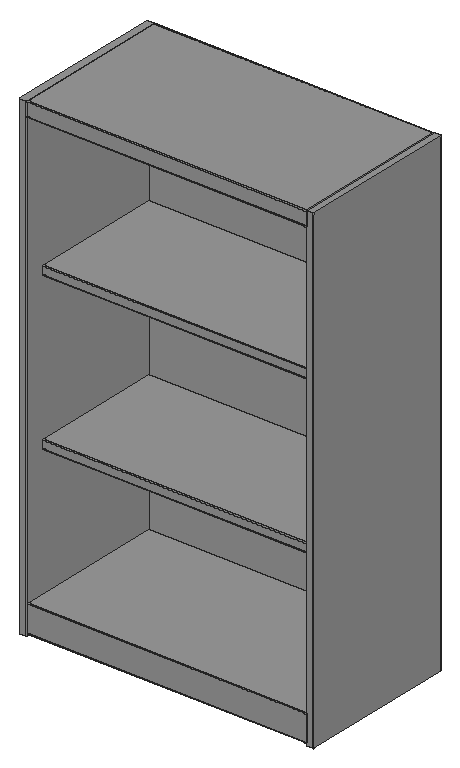
Revit family "NEW01-ARMARIO METAL_AP12-AP22-AP32-AP45-AP52-AP56", category Furniture, Revit 2014
Parameters (values of type "AP12")
  URL = "www.actiu.com"
  Model = "ARMARIO METAL"
  Manufacturer = "Actiu Berbegal y Formas S.A."
  Description = "Metal Storage are presented as a current and efficient solution of filing and storage."
  BO_Width = 798.00 mm
  BO_Visibility Shelf 2 = no
  BO_Visibility Shelf 1 = yes
  BO_Visibility Lock 2 = no
  BO_Visibility Lock 1 = no
  BO_Visibility Drawers Handles 4 = no
  BO_Visibility Drawers Handles 3 = no
  BO_Visibility Drawers Handles 2 = no
  BO_Visibility Drawers Handles 1 = no
  BO_Visibility Drawers 3 = no
  BO_Visibility Drawers 2 = no
  BO_Visibility Drawers 1 = no
  BO_Visibility Door Handles = no
  BO_Visibility Door = no
  BO_URL Model = "http://www.actiu.com/en/furniture/storage/metal-storage"
  BO_Technical Data = "http://www.actiu.com/en/furniture/storage/metal-storage/downloads"
  BO_Structure White = Steel, Paint Finish, Ivory, Glossy
  BO_Structure Silver = Steel, Paint Finish, Dark Gray, Matte
  BO_Reference = "AP12"
  BO_Lock Height = 797.50 mm
  BO_Lock Distance = 438.50 mm
  BO_Height = 1300.00 mm
  BO_Handles = Steel, Paint Finish, Dark Gray, Matte
  BO_Door Steel White = Steel, Paint Finish, Ivory, Glossy
  BO_Door Steel Silver = Steel, Paint Finish, Dark Gray, Matte
  BO_Door Steel Pistache = Pistache
  BO_Door Steel Orange = Orange
  BO_Door Steel Blue = Blue
  BO_Door Steel Black = Black
  BO_Door MFC White = White
  BO_Door MFC Wangue = Wangue
  BO_Door MFC Walnut = Walnut
  BO_Door MFC Maple = Maple
  BO_Door Height = 1252.00 mm
  BO_Door Handle Height = 843.50 mm
  BO_Depth = 432.00 mm
Types (7, lengths in mm): name | BO_Visibility Shelf 2 | BO_Visibility Shelf 1 | BO_Visibility Lock 2 | BO_Visibility Lock 1 | BO_Visibility Drawers Handles 4 | BO_Visibility Drawers Handles 3 | BO_Visibility Drawers Handles 2 | BO_Visibility Drawers Handles 1 | BO_Visibility Drawers 3 | BO_Visibility Drawers 2 | BO_Visibility Drawers 1 | BO_Visibility Door Handles | BO_Visibility Door | BO_Reference | BO_Lock Height | BO_Door Height | BO_Door Handle Height
  (no name) | no | yes | no | no | no | no | no | no | no | no | no | no | no | "AP12" | 797.50 | 1252.00 | 843.50
  AP12 | no | yes | no | no | no | no | no | no | no | no | no | no | no | "AP12" | 797.50 | 1252.00 | 843.50
  AP22 | no | yes | no | yes | no | no | no | no | no | no | no | yes | yes | "AP22" | 797.50 | 1252.00 | 843.50
  AP32 | yes | no | no | yes | no | no | no | no | no | no | no | yes | yes | "AP32" | 624.00 | 652.00 | 543.50
  AP45 | yes | no | yes | no | no | yes | no | yes | no | no | yes | no | no | "AP45" | 624.00 | 652.00 | 543.50
  AP52 | yes | no | yes | no | yes | yes | yes | yes | no | yes | no | no | no | "AP52" | 624.00 | 652.00 | 543.50
  AP56 | yes | no | yes | no | no | yes | yes | yes | yes | no | no | no | no | "AP56" | 624.00 | 667.00 | 543.50
Reference planes
  plane 1 "Center Front/Back": y = 0
  plane 2: z = 0
  plane 3 "Center Left/Right": x = 0
  plane 4: x = 399
  plane 5: x = -399
  plane 6: z = 1300
  plane 7: x = 379
  plane 8: x = -379
  plane 9: y = -432
  plane 10: z = 1067
  plane 11: z = 456
  plane 12: z = 5
  plane 13: z = 1297
  plane 14: z = 45
  plane 15: z = 879
  plane 16: z = 843.5
  plane 17: z = 797.5
  plane 18: x = 39.5
  plane 19: z = 703
Forms (mm)
  Extrusion 1, solid, material "Steel, Paint Finish, Ivory, Glossy" <- "BO_Structure White"
    sketch origin (0, 0, 0) x (1, 0, 0) y (0, 1, 0)
      loop
        arc (381, 0) -> (379.586, -0.586) -> (379, -2) r 2
        line (379, -2) -> (379, -430)
        arc (379, -430) -> (379.586, -431.414) -> (381, -432) r 2
        line (381, -432) -> (397, -432)
        arc (397, -432) -> (398.414, -431.414) -> (399, -430) r 2
        line (399, -430) -> (399, -2)
        arc (399, -2) -> (398.414, -0.586) -> (397, 0) r 2
        line (397, 0) -> (381, 0)
      loop
        arc (-397, 0) -> (-398.414, -0.586) -> (-399, -2) r 2
        line (-399, -2) -> (-399, -430)
        arc (-399, -430) -> (-398.414, -431.414) -> (-397, -432) r 2
        line (-397, -432) -> (-381, -432)
        arc (-381, -432) -> (-379.586, -431.414) -> (-379, -430) r 2
        line (-379, -430) -> (-379, -2)
        arc (-379, -2) -> (-379.586, -0.586) -> (-381, 0) r 2
        line (-381, 0) -> (-397, 0)
    from 0 to 1300
  Extrusion 2, solid, material "Steel, Paint Finish, Ivory, Glossy" <- "BO_Structure White", visible <- "BO_Visibility Shelf 2"
    sketch origin (0, 0, -150) x (0, 1, 0) y (0, 0, 1)
      loop
        line (-20, 1217) -> (-378, 1217)
        arc (-378, 1217) -> (-379.414, 1216.414) -> (-380, 1215) r 2
        line (-380, 1215) -> (-380, 1194)
        arc (-380, 1194) -> (-379.414, 1192.586) -> (-378, 1192) r 2
        line (-378, 1192) -> (-20, 1192) -> (-20, 1217)
    from -379 to 379
  Extrusion 3, solid, material "Steel, Paint Finish, Ivory, Glossy" <- "BO_Structure White"
    sketch origin (0, 0, 0) x (0, 1, 0) y (0, 0, 1)
      loop
        line (0, 7) -> (0, 1260) -> (-20, 1260) -> (-20, 5) -> (-2, 5)
        arc (-2, 5) -> (-0.586, 5.586) -> (0, 7) r 2
    from 379 to -379
  Extrusion 4, solid, material "Steel, Paint Finish, Ivory, Glossy" <- "BO_Structure White"
    sketch origin (0, 0, -752) x (0, 1, 0) y (0, 0, 1)
      loop
        line (-20, 1208) -> (-378, 1208)
        arc (-378, 1208) -> (-379.414, 1207.414) -> (-380, 1206) r 2
        line (-380, 1206) -> (-380, 1185)
        arc (-380, 1185) -> (-379.414, 1183.586) -> (-378, 1183) r 2
        line (-378, 1183) -> (-20, 1183) -> (-20, 1208)
    from -379 to 379
  Extrusion 5, solid, material "Steel, Paint Finish, Ivory, Glossy" <- "BO_Structure White"
    sketch origin (0, 0, 0) x (0, 1, 0) y (0, 0, 1)
      loop
        line (-20, 5) -> (-20, 80) -> (-430, 80)
        arc (-430, 80) -> (-431.414, 79.414) -> (-432, 78) r 2
        line (-432, 78) -> (-432, 7)
        arc (-432, 7) -> (-431.414, 5.586) -> (-430, 5) r 2
        line (-430, 5) -> (-20, 5)
    from -379 to 379
  Extrusion 6, solid, material "Steel, Paint Finish, Ivory, Glossy" <- "BO_Door Steel White", visible <- "BO_Visibility Door"
    sketch origin (-1524, -432, 1219.2) x (-1, 0, 0) y (0, 0, 1)
      loop
        line (-1921.5, -1174.2) -> (-1526.5, -1174.2) -> (-1526.5, 77.8) -> (-1921.5, 77.8) -> (-1921.5, -1174.2)
      loop
        line (-1126.5, -1174.2) -> (-1126.5, 77.8) -> (-1521.5, 77.8) -> (-1521.5, -1174.2) -> (-1126.5, -1174.2)
    from 0 to -16
  Extrusion 7, solid, material "Steel, Paint Finish, Ivory, Glossy" <- "BO_Structure White", visible <- "BO_Visibility Shelf 1"
    sketch origin (0, 0, -256.437) x (0, 1, 0) y (0, 0, 1)
      loop
        line (-20, 1135.437) -> (-378, 1135.437)
        arc (-378, 1135.437) -> (-379.414, 1134.851) -> (-380, 1133.437) r 2
        line (-380, 1133.437) -> (-380, 1112.437)
        arc (-380, 1112.437) -> (-379.414, 1111.022) -> (-378, 1110.437) r 2
        line (-378, 1110.437) -> (-20, 1110.437) -> (-20, 1135.437)
    from -379 to 379
  Extrusion 8, solid, material "Steel, Paint Finish, Ivory, Glossy" <- "BO_Door Steel White", visible <- "BO_Visibility Drawers 1"
    sketch origin (-1524, -432, 1219.2) x (-1, 0, 0) y (0, 0, 1)
      loop
        line (-1126.5, -1159.2) -> (-1126.5, -862.2) -> (-1921.5, -862.2) -> (-1921.5, -1159.2) -> (-1126.5, -1159.2)
      loop
        line (-1126.5, -859.2) -> (-1126.5, -562.2) -> (-1921.5, -562.2) -> (-1921.5, -859.2) -> (-1126.5, -859.2)
    from -16 to 0
  Revolve 9, solid, material "Steel, Paint Finish, Ivory, Glossy" <- "BO_Structure White"
    sketch origin (-1523, -35, 1219.2) x (-1, 0, 0) y (0, 0, 1)
      loop
        line (-1159, -1219.2) -> (-1159, -1185.2) -> (-1163, -1185.2) -> (-1163, -1209.2) -> (-1166.5, -1209.2)
        arc (-1166.5, -1209.2) -> (-1167.207, -1209.493) -> (-1167.5, -1210.2) r 1
        line (-1167.5, -1210.2) -> (-1167.5, -1212.2) -> (-1180, -1212.2)
        arc (-1180, -1212.2) -> (-1181.414, -1212.786) -> (-1182, -1214.2) r 2
        line (-1182, -1214.2) -> (-1182, -1217.2)
        arc (-1182, -1217.2) -> (-1181.414, -1218.614) -> (-1180, -1219.2) r 2
        line (-1180, -1219.2) -> (-1159, -1219.2)
      axis (-1159, -1185.2) -> (-1159, -1219.2)
    angle from 0 to 360
  Revolve 10, solid, material "Steel, Paint Finish, Ivory, Glossy" <- "BO_Structure White"
    sketch origin (1523, -35, 1219.2) x (1, 0, 0) y (0, 0, -1)
      loop
        line (-1159, 1219.2) -> (-1180, 1219.2)
        arc (-1180, 1219.2) -> (-1181.414, 1218.614) -> (-1182, 1217.2) r 2
        line (-1182, 1217.2) -> (-1182, 1214.2)
        arc (-1182, 1214.2) -> (-1181.414, 1212.786) -> (-1180, 1212.2) r 2
        line (-1180, 1212.2) -> (-1167.5, 1212.2) -> (-1167.5, 1210.2)
        arc (-1167.5, 1210.2) -> (-1167.207, 1209.493) -> (-1166.5, 1209.2) r 1
        line (-1166.5, 1209.2) -> (-1163, 1209.2) -> (-1163, 1185.2) -> (-1159, 1185.2) -> (-1159, 1219.2)
      axis (-1159, 1185.2) -> (-1159, 1219.2)
    angle from 0 to 360
  Revolve 11, solid, material "Steel, Paint Finish, Ivory, Glossy" <- "BO_Structure White"
    sketch origin (-1523, -397, 1219.2) x (-1, 0, 0) y (0, 0, 1)
      loop
        line (-1159, -1219.2) -> (-1159, -1185.2) -> (-1163, -1185.2) -> (-1163, -1209.2) -> (-1166.5, -1209.2)
        arc (-1166.5, -1209.2) -> (-1167.207, -1209.493) -> (-1167.5, -1210.2) r 1
        line (-1167.5, -1210.2) -> (-1167.5, -1212.2) -> (-1180, -1212.2)
        arc (-1180, -1212.2) -> (-1181.414, -1212.786) -> (-1182, -1214.2) r 2
        line (-1182, -1214.2) -> (-1182, -1217.2)
        arc (-1182, -1217.2) -> (-1181.414, -1218.614) -> (-1180, -1219.2) r 2
        line (-1180, -1219.2) -> (-1159, -1219.2)
      axis (-1159, -1185.2) -> (-1159, -1219.2)
    angle from 0 to 360
  Revolve 12, solid, material "Steel, Paint Finish, Ivory, Glossy" <- "BO_Structure White"
    sketch origin (1523, -397, 1219.2) x (1, 0, 0) y (0, 0, -1)
      loop
        line (-1159, 1219.2) -> (-1180, 1219.2)
        arc (-1180, 1219.2) -> (-1181.414, 1218.614) -> (-1182, 1217.2) r 2
        line (-1182, 1217.2) -> (-1182, 1214.2)
        arc (-1182, 1214.2) -> (-1181.414, 1212.786) -> (-1180, 1212.2) r 2
        line (-1180, 1212.2) -> (-1167.5, 1212.2) -> (-1167.5, 1210.2)
        arc (-1167.5, 1210.2) -> (-1167.207, 1209.493) -> (-1166.5, 1209.2) r 1
        line (-1166.5, 1209.2) -> (-1163, 1209.2) -> (-1163, 1185.2) -> (-1159, 1185.2) -> (-1159, 1219.2)
      axis (-1159, 1185.2) -> (-1159, 1219.2)
    angle from 0 to 360
  Extrusion 13, solid, material "Steel, Paint Finish, Ivory, Glossy" <- "BO_Door Steel White", visible <- "BO_Visibility Drawers 2"
    sketch origin (-1524, -600, 1219.2) x (-1, 0, 0) y (0, 0, 1)
      loop
        line (-1126.5, -1159.2) -> (-1126.5, -1012.2) -> (-1921.5, -1012.2) -> (-1921.5, -1159.2) -> (-1126.5, -1159.2)
      loop
        line (-1126.5, -862.2) -> (-1921.5, -862.2) -> (-1921.5, -1009.2) -> (-1126.5, -1009.2) -> (-1126.5, -862.2)
      loop
        line (-1126.5, -712.2) -> (-1921.5, -712.2) -> (-1921.5, -859.2) -> (-1126.5, -859.2) -> (-1126.5, -712.2)
      loop
        line (-1126.5, -562.2) -> (-1921.5, -562.2) -> (-1921.5, -709.2) -> (-1126.5, -709.2) -> (-1126.5, -562.2)
    from 152 to 168
  Extrusion 14, solid, material "Steel, Paint Finish, Ivory, Glossy" <- "BO_Door Steel White", visible <- "BO_Visibility Drawers 3"
    sketch origin (-1524, -600, 1219.2) x (-1, 0, 0) y (0, 0, 1)
      loop
        line (-1126.5, -1159.2) -> (-1126.5, -862.2) -> (-1921.5, -862.2) -> (-1921.5, -1159.2) -> (-1126.5, -1159.2)
      loop
        line (-1921.5, -859.2) -> (-1126.5, -859.2) -> (-1126.5, -712.2) -> (-1921.5, -712.2) -> (-1921.5, -859.2)
      loop
        line (-1126.5, -709.2) -> (-1126.5, -562.2) -> (-1921.5, -562.2) -> (-1921.5, -709.2) -> (-1126.5, -709.2)
    from 152 to 168
  Extrusion 15, solid, material "Steel, Paint Finish, Dark Gray, Matte" <- "BO_Handles", visible <- "BO_Visibility Door Handles"
    sketch origin (0, 0, 0) x (0, 1, 0) y (0, 0, 1)
      loop
        line (-448, 843.5) -> (-448, 859.5) -> (-457, 859.5)
        arc (-457, 859.5) -> (-460.536, 860.964) -> (-462, 864.5) r 5
        line (-462, 864.5) -> (-462, 925.5)
        arc (-462, 925.5) -> (-460.536, 929.036) -> (-457, 930.5) r 5
        line (-457, 930.5) -> (-448, 930.5) -> (-448, 946.5) -> (-459, 946.5)
        arc (-459, 946.5) -> (-466.071, 943.571) -> (-469, 936.5) r 10
        line (-469, 936.5) -> (-469, 853.5)
        arc (-469, 853.5) -> (-466.071, 846.429) -> (-459, 843.5) r 10
        line (-459, 843.5) -> (-448, 843.5)
    from 24 to 16
  Extrusion 16, solid, material "Steel, Paint Finish, Dark Gray, Matte" <- "BO_Handles", visible <- "BO_Visibility Door Handles"
    sketch origin (0, 0, 0) x (0, 1, 0) y (0, 0, -1)
      loop
        line (-448, -843.5) -> (-459, -843.5)
        arc (-459, -843.5) -> (-466.071, -846.429) -> (-469, -853.5) r 10
        line (-469, -853.5) -> (-469, -936.5)
        arc (-469, -936.5) -> (-466.071, -943.571) -> (-459, -946.5) r 10
        line (-459, -946.5) -> (-448, -946.5) -> (-448, -930.5) -> (-457, -930.5)
        arc (-457, -930.5) -> (-460.536, -929.036) -> (-462, -925.5) r 5
        line (-462, -925.5) -> (-462, -864.5)
        arc (-462, -864.5) -> (-460.536, -860.964) -> (-457, -859.5) r 5
        line (-457, -859.5) -> (-448, -859.5) -> (-448, -843.5)
    from 24 to 16
  Extrusion 17, solid, material "Steel, Paint Finish, Dark Gray, Matte" <- "BO_Handles", visible <- "BO_Visibility Drawers Handles 4"
    sketch origin (0, -352, 0) x (1, 0, 0) y (0, 1, 0)
      loop
        line (-291, -96) -> (-291, -107)
        arc (-291, -107) -> (-288.071, -114.071) -> (-281, -117) r 10
        line (-281, -117) -> (-198, -117)
        arc (-198, -117) -> (-190.929, -114.071) -> (-188, -107) r 10
        line (-188, -107) -> (-188, -96) -> (-204, -96) -> (-204, -105)
        arc (-204, -105) -> (-205.464, -108.536) -> (-209, -110) r 5
        line (-209, -110) -> (-270, -110)
        arc (-270, -110) -> (-273.536, -108.536) -> (-275, -105) r 5
        line (-275, -105) -> (-275, -96) -> (-291, -96)
      loop
        line (291, -96) -> (275, -96) -> (275, -105)
        arc (275, -105) -> (273.536, -108.536) -> (270, -110) r 5
        line (270, -110) -> (209, -110)
        arc (209, -110) -> (205.464, -108.536) -> (204, -105) r 5
        line (204, -105) -> (204, -96) -> (188, -96) -> (188, -107)
        arc (188, -107) -> (190.929, -114.071) -> (198, -117) r 10
        line (198, -117) -> (281, -117)
        arc (281, -117) -> (288.071, -114.071) -> (291, -107) r 10
        line (291, -107) -> (291, -96)
    from 140.5 to 148.5
  Extrusion 18, solid, material "Steel, Paint Finish, Dark Gray, Matte" <- "BO_Handles", visible <- "BO_Visibility Drawers Handles 3"
    sketch origin (0, -352, 0) x (1, 0, 0) y (0, 1, 0)
      loop
        line (-291, -96) -> (-291, -107)
        arc (-291, -107) -> (-288.071, -114.071) -> (-281, -117) r 10
        line (-281, -117) -> (-198, -117)
        arc (-198, -117) -> (-190.929, -114.071) -> (-188, -107) r 10
        line (-188, -107) -> (-188, -96) -> (-204, -96) -> (-204, -105)
        arc (-204, -105) -> (-205.464, -108.536) -> (-209, -110) r 5
        line (-209, -110) -> (-270, -110)
        arc (-270, -110) -> (-273.536, -108.536) -> (-275, -105) r 5
        line (-275, -105) -> (-275, -96) -> (-291, -96)
      loop
        line (291, -96) -> (275, -96) -> (275, -105)
        arc (275, -105) -> (273.536, -108.536) -> (270, -110) r 5
        line (270, -110) -> (209, -110)
        arc (209, -110) -> (205.464, -108.536) -> (204, -105) r 5
        line (204, -105) -> (204, -96) -> (188, -96) -> (188, -107)
        arc (188, -107) -> (190.929, -114.071) -> (198, -117) r 10
        line (198, -117) -> (281, -117)
        arc (281, -117) -> (288.071, -114.071) -> (291, -107) r 10
        line (291, -107) -> (291, -96)
    from 290.5 to 298.5
  Extrusion 19, solid, material "Steel, Paint Finish, Dark Gray, Matte" <- "BO_Handles", visible <- "BO_Visibility Drawers Handles 2"
    sketch origin (0, -352, 0) x (1, 0, 0) y (0, 1, 0)
      loop
        line (-291, -96) -> (-291, -107)
        arc (-291, -107) -> (-288.071, -114.071) -> (-281, -117) r 10
        line (-281, -117) -> (-198, -117)
        arc (-198, -117) -> (-190.929, -114.071) -> (-188, -107) r 10
        line (-188, -107) -> (-188, -96) -> (-204, -96) -> (-204, -105)
        arc (-204, -105) -> (-205.464, -108.536) -> (-209, -110) r 5
        line (-209, -110) -> (-270, -110)
        arc (-270, -110) -> (-273.536, -108.536) -> (-275, -105) r 5
        line (-275, -105) -> (-275, -96) -> (-291, -96)
      loop
        line (291, -96) -> (275, -96) -> (275, -105)
        arc (275, -105) -> (273.536, -108.536) -> (270, -110) r 5
        line (270, -110) -> (209, -110)
        arc (209, -110) -> (205.464, -108.536) -> (204, -105) r 5
        line (204, -105) -> (204, -96) -> (188, -96) -> (188, -107)
        arc (188, -107) -> (190.929, -114.071) -> (198, -117) r 10
        line (198, -117) -> (281, -117)
        arc (281, -117) -> (288.071, -114.071) -> (291, -107) r 10
        line (291, -107) -> (291, -96)
    from 440.5 to 448.5
  Extrusion 20, solid, material "Steel, Paint Finish, Dark Gray, Matte" <- "BO_Handles", visible <- "BO_Visibility Drawers Handles 1"
    sketch origin (0, -252, 0) x (1, 0, 0) y (0, 1, 0)
      loop
        line (-291, -196) -> (-291, -207)
        arc (-291, -207) -> (-288.071, -214.071) -> (-281, -217) r 10
        line (-281, -217) -> (-198, -217)
        arc (-198, -217) -> (-190.929, -214.071) -> (-188, -207) r 10
        line (-188, -207) -> (-188, -196) -> (-204, -196) -> (-204, -205)
        arc (-204, -205) -> (-205.464, -208.536) -> (-209, -210) r 5
        line (-209, -210) -> (-270, -210)
        arc (-270, -210) -> (-273.536, -208.536) -> (-275, -205) r 5
        line (-275, -205) -> (-275, -196) -> (-291, -196)
      loop
        line (291, -196) -> (275, -196) -> (275, -205)
        arc (275, -205) -> (273.536, -208.536) -> (270, -210) r 5
        line (270, -210) -> (209, -210)
        arc (209, -210) -> (205.464, -208.536) -> (204, -205) r 5
        line (204, -205) -> (204, -196) -> (188, -196) -> (188, -207)
        arc (188, -207) -> (190.929, -214.071) -> (198, -217) r 10
        line (198, -217) -> (281, -217)
        arc (281, -217) -> (288.071, -214.071) -> (291, -207) r 10
        line (291, -207) -> (291, -196)
    from 590.5 to 598.5
  Revolve 21, solid, material "Steel, Paint Finish, Dark Gray, Matte" <- "BO_Handles", visible <- "BO_Visibility Lock 1"
    sketch origin (-587.131, -4572, 797.5) x (-1, 0, 0) y (0, -1, 0)
      loop
        line (-626.631, -4124) -> (-626.631, -4117) -> (-633.631, -4117)
        arc (-633.631, -4117) -> (-634.338, -4117.293) -> (-634.631, -4118) r 1
        line (-634.631, -4118) -> (-634.631, -4122) -> (-635.631, -4122) -> (-635.631, -4121) -> (-637.078, -4121.724)
        arc (-637.078, -4121.724) -> (-637.481, -4122.092) -> (-637.631, -4122.618) r 1
        line (-637.631, -4122.618) -> (-637.631, -4124) -> (-626.631, -4124)
      axis (-626.631, -4124) -> (-626.631, -4117)
    angle from 0 to 360
  Extrusion 22, void
    sketch origin (-1524, -432, 1219.2) x (1, 0, 0) y (0, 0, 1)
      loop
        line (1563.5, -415.2) -> (1562, -415.2) -> (1562, -428.2) -> (1565, -428.2) -> (1565, -415.2) -> (1563.5, -415.2)
    from 19 to 218
  Extrusion 23, solid, material "Steel, Paint Finish, Ivory, Glossy" <- "BO_Structure White", visible <- "BO_Visibility Shelf 2"
    sketch origin (0, 0, 0) x (0, 1, 0) y (0, 0, 1)
      loop
        line (-20, 703) -> (-430, 703)
        arc (-430, 703) -> (-431.414, 702.414) -> (-432, 701) r 2
        line (-432, 701) -> (-432, 657)
        arc (-432, 657) -> (-431.414, 655.586) -> (-430, 655) r 2
        line (-430, 655) -> (-20, 655) -> (-20, 703)
    from -379 to 379
  Revolve 24, solid, material "Steel, Paint Finish, Dark Gray, Matte" <- "BO_Handles", visible <- "BO_Visibility Lock 2"
    sketch origin (-688.131, -4572, 680) x (-1, 0, 0) y (0, -1, 0)
      loop
        line (-688.131, -4140) -> (-688.131, -4133) -> (-695.131, -4133)
        arc (-695.131, -4133) -> (-695.838, -4133.293) -> (-696.131, -4134) r 1
        line (-696.131, -4134) -> (-696.131, -4138) -> (-697.131, -4138) -> (-697.131, -4137) -> (-698.578, -4137.724)
        arc (-698.578, -4137.724) -> (-698.981, -4138.092) -> (-699.131, -4138.618) r 1
        line (-699.131, -4138.618) -> (-699.131, -4140) -> (-688.131, -4140)
      axis (-688.131, -4140) -> (-688.131, -4133)
    angle from 0 to 360
  Extrusion 25, solid, material "Steel, Paint Finish, Ivory, Glossy" <- "BO_Structure White"
    sketch origin (0, 0, 0) x (0, 1, 0) y (0, 0, 1)
      loop
        arc (-430, 1300) -> (-431.414, 1299.414) -> (-432, 1298) r 2
        line (-432, 1298) -> (-432, 1262)
        arc (-432, 1262) -> (-431.414, 1260.586) -> (-430, 1260) r 2
        line (-430, 1260) -> (0, 1260) -> (0, 1298)
        arc (0, 1298) -> (-0.586, 1299.414) -> (-2, 1300) r 2
        line (-2, 1300) -> (-430, 1300)
    from -379 to 379
  Extrusion 26, void
    sketch origin (-1524, -432, 1219.2) x (1, 0, 0) y (0, 0, 1)
      loop
        line (1522.5, -539.2) -> (1522.5, -545.7) -> (1525.5, -545.7) -> (1525.5, -532.7) -> (1522.5, -532.7) -> (1522.5, -539.2)
    from 2 to 23
Cuts and joins
  Extrusion 26 cuts Extrusion 23
  Extrusion 26 cuts Revolve 24
  Extrusion 22 cuts Revolve 21
Dimensions and locks
  "BO_Width": plane 4 to plane 5
  "BO_Height": plane 6 to plane 2
  locked: plane 8 to plane 5 at 20
  locked: plane 4 to plane 7 at 20
  "BO_Door Height": plane 13 to plane 14
  locked: plane 14 to plane 2 at 45
  "BO_Door Handle Height": plane 16 to plane 2
  "BO_Lock Height": plane 17 to plane 2
  "BO_Lock Distance": plane 18 to plane 5
  locked: plane 6 to Extrusion 3 at 40
  "BO_Depth": plane 9 to plane 1 "Center Front/Back"
  locked: Extrusion 6 to plane 9 at 16
  locked: Extrusion 13 to plane 9 at 16
  locked: Extrusion 14 to plane 9 at 16
  equal spacing: Extrusion 20 sketch curve, plane 3 "Center Left/Right", Extrusion 20 sketch curve
  equal spacing: plane 4, plane 3 "Center Left/Right", plane 5
  equal spacing: Extrusion 19 sketch curve, plane 3 "Center Left/Right", Extrusion 19 sketch curve
  equal spacing: Extrusion 18 sketch curve, plane 3 "Center Left/Right", Extrusion 18 sketch curve
  equal spacing: Extrusion 17 sketch curve, plane 3 "Center Left/Right", Extrusion 17 sketch curve
  Extrusion 8 sketch curve to Extrusion 8 sketch curve to Extrusion 8 sketch curve to Extrusion 8 sketch curve to plane 2 = 297.00 mm locked, 3.00 mm locked, 297.00 mm locked, 60.00 mm locked
  Extrusion 13 sketch curve to Extrusion 13 sketch curve to Extrusion 13 sketch curve to Extrusion 13 sketch curve to Extrusion 13 sketch curve to Extrusion 13 sketch curve to Extrusion 13 sketch curve to Extrusion 8 to plane 2 = 147.00 mm locked, 3.00 mm locked, 147.00 mm locked, 3.00 mm locked, 147.00 mm locked, 3.00 mm locked, 147.00 mm locked, 60.00 mm locked
  Extrusion 14 sketch curve to Extrusion 14 sketch curve to Extrusion 14 sketch curve to Extrusion 14 sketch curve to Extrusion 14 sketch curve to Extrusion 8 to plane 2 = 147.00 mm locked, 3.00 mm locked, 147.00 mm locked, 3.00 mm locked, 297.00 mm locked, 60.00 mm locked
  aligned and locked: level to plane 2
  aligned and locked: plane 1 "Center Front/Back" to Extrusion 1 sketch curve  (x2)
  aligned and locked: plane 7 to Extrusion 1 sketch curve
  aligned and locked: Extrusion 1 sketch curve to plane 4
  aligned and locked: plane 9 to Extrusion 1 sketch curve  (x2)
  aligned and locked: plane 5 to Extrusion 1 sketch curve
  aligned and locked: Extrusion 1 sketch curve to plane 8
  aligned and locked: plane 6 to Extrusion 1
  aligned and locked: Extrusion 1 to plane 2
  aligned and locked: plane 10 to Extrusion 2  (x2)
  aligned and locked: Extrusion 3 sketch curve to plane 12
  aligned and locked: Extrusion 3 sketch curve to plane 1 "Center Front/Back"
  aligned and locked: Extrusion 3 to plane 8
  aligned and locked: plane 7 to Extrusion 3
  aligned and locked: Extrusion 2 to Extrusion 3
  aligned and locked: plane 11 to Extrusion 4
  aligned and locked: Extrusion 3 to Extrusion 5 sketch curve
  aligned and locked: plane 12 to Extrusion 5 sketch curve
  aligned and locked: plane 9 to Extrusion 5 sketch curve
  aligned and locked: Extrusion 5 to plane 8
  aligned and locked: plane 7 to Extrusion 5
  aligned and locked: Extrusion 4 to plane 8
  aligned and locked: plane 7 to Extrusion 4
  aligned and locked: Extrusion 2 to plane 8
  aligned and locked: plane 7 to Extrusion 2
  aligned and locked: plane 13 to Extrusion 6 sketch curve
  aligned and locked: Extrusion 6 sketch curve to plane 13
  aligned and locked: Extrusion 6 sketch curve to plane 14
  aligned and locked: plane 14 to Extrusion 6 sketch curve
  aligned and locked: Extrusion 7 to plane 8
  aligned and locked: plane 7 to Extrusion 7
  aligned and locked: Extrusion 7 to Extrusion 3
  aligned and locked: plane 16 to Extrusion 15 sketch curve
  aligned and locked: Extrusion 6 to Extrusion 15 sketch curve  (x2)
  aligned and locked: plane 16 to Extrusion 16 sketch curve
  aligned and locked: Extrusion 6 to Extrusion 16 sketch curve  (x2)
  aligned and locked: Revolve 21 sketch curve to plane 18
  aligned and locked: Extrusion 6 to Revolve 21 sketch curve
  aligned and locked: plane 18 to Revolve 21 sketch curve
  aligned and locked: Extrusion 23 sketch curve to Extrusion 3
  aligned and locked: Extrusion 23 sketch curve to plane 9
  aligned and locked: plane 7 to Extrusion 23
  aligned and locked: Extrusion 23 to plane 8
  aligned and locked: Revolve 24 sketch curve to plane 9
  aligned and locked: Extrusion 25 sketch curve to plane 6
  aligned and locked: plane 9 to Extrusion 25 sketch curve
  aligned and locked: plane 1 "Center Front/Back" to Extrusion 25 sketch curve
  aligned and locked: Extrusion 25 to plane 8
  aligned and locked: plane 7 to Extrusion 25
  aligned and locked: plane 9 to Extrusion 8
  aligned and locked: plane 9 to Extrusion 6
  aligned and locked: plane 9 to Extrusion 13
  aligned and locked: plane 9 to Extrusion 14
  aligned and locked: Extrusion 20 to Extrusion 6  (x2)
  aligned and locked: Extrusion 19 to Extrusion 13  (x2)
  aligned and locked: Extrusion 18 to Extrusion 13  (x2)
  aligned and locked: Extrusion 17 to Extrusion 13  (x2)
Automatic sketch dimensions
  plane 5 to Extrusion 1 sketch curve = 2.00 mm
  plane 1 "Center Front/Back" to Extrusion 1 sketch curve = 2.00 mm  (x2)
  Extrusion 1 sketch curve to plane 8 = 2.00 mm
  plane 7 to Extrusion 1 sketch curve = 2.00 mm  (x2)
  Extrusion 1 sketch curve to plane 4 = 2.00 mm  (x2)
  plane 1 "Center Front/Back" to Extrusion 3 sketch curve = 2.00 mm
  Extrusion 3 sketch curve to Extrusion 3 sketch curve = 18.00 mm
  Extrusion 3 sketch curve to plane 13 = 37.00 mm
  Extrusion 4 sketch curve to plane 11 = 0.00 mm
  Extrusion 4 sketch curve to plane 11 = 2.00 mm
  plane 9 to Extrusion 4 sketch curve = 52.00 mm
  Extrusion 4 sketch curve to Extrusion 4 sketch curve = 2.00 mm
  plane 1 "Center Front/Back" to Extrusion 4 sketch curve = 20.00 mm
  Extrusion 4 sketch curve to Extrusion 4 sketch curve = 21.00 mm
  plane 9 to Extrusion 5 sketch curve = 2.00 mm  (x2)
  plane 14 to Extrusion 5 sketch curve = 33.00 mm
  Extrusion 6 sketch curve to plane 4 = 1.50 mm
  plane 3 "Center Left/Right" to Extrusion 6 sketch curve = 2.50 mm
  Extrusion 6 sketch curve to plane 3 "Center Left/Right" = 2.50 mm
  plane 5 to Extrusion 6 sketch curve = 1.50 mm
  Extrusion 7 sketch curve to plane 15 = 0.00 mm
  Extrusion 7 sketch curve to plane 15 = 2.00 mm
  plane 9 to Extrusion 7 sketch curve = 52.00 mm
  Extrusion 7 sketch curve to Extrusion 7 sketch curve = 2.00 mm
  plane 1 "Center Front/Back" to Extrusion 7 sketch curve = 20.00 mm
  Extrusion 7 sketch curve to Extrusion 7 sketch curve = 21.00 mm
  Extrusion 8 sketch curve to plane 4 = 1.50 mm  (x2)
  plane 5 to Extrusion 8 sketch curve = 1.50 mm  (x2)
  Revolve 9 sketch curve to plane 12 = 0.00 mm
  Revolve 9 sketch curve to level = 0.00 mm  (x2)
  level to Revolve 9 sketch curve = 2.00 mm
  plane 8 to Revolve 9 sketch curve = 38.00 mm
  Revolve 9 sketch curve to Revolve 9 sketch curve = 2.00 mm  (x2)
  Revolve 9 sketch curve to Revolve 9 sketch curve = 12.50 mm
  Revolve 9 sketch curve to Revolve 9 sketch curve = 1.00 mm
  Revolve 9 sketch curve to Revolve 9 sketch curve = 3.50 mm
  Revolve 9 sketch curve to Revolve 9 sketch curve = 4.00 mm
  Revolve 9 sketch curve to Revolve 9 sketch curve = 24.00 mm
  Revolve 9 sketch curve to Revolve 9 sketch curve = 0.00 mm
  Revolve 9 sketch curve to Revolve 9 sketch curve = 5.00 mm
  Revolve 10 sketch curve to plane 12 = 0.00 mm
  Revolve 10 sketch curve to level = 0.00 mm  (x2)
  level to Revolve 10 sketch curve = 2.00 mm
  Revolve 10 sketch curve to plane 7 = 38.00 mm
  Revolve 10 sketch curve to Revolve 10 sketch curve = 2.00 mm  (x2)
  Revolve 10 sketch curve to Revolve 10 sketch curve = 12.50 mm
  Revolve 10 sketch curve to Revolve 10 sketch curve = 1.00 mm
  Revolve 10 sketch curve to Revolve 10 sketch curve = 3.50 mm
  Revolve 10 sketch curve to Revolve 10 sketch curve = 4.00 mm
  Revolve 10 sketch curve to Revolve 10 sketch curve = 24.00 mm
  Revolve 10 sketch curve to Revolve 10 sketch curve = 0.00 mm
  Revolve 10 sketch curve to Revolve 10 sketch curve = 5.00 mm
  Revolve 11 sketch curve to plane 12 = 0.00 mm
  Revolve 11 sketch curve to level = 0.00 mm  (x2)
  level to Revolve 11 sketch curve = 2.00 mm
  plane 8 to Revolve 11 sketch curve = 38.00 mm
  Revolve 11 sketch curve to Revolve 11 sketch curve = 2.00 mm  (x2)
  Revolve 11 sketch curve to Revolve 11 sketch curve = 12.50 mm
  Revolve 11 sketch curve to Revolve 11 sketch curve = 1.00 mm
  Revolve 11 sketch curve to Revolve 11 sketch curve = 3.50 mm
  Revolve 11 sketch curve to Revolve 11 sketch curve = 4.00 mm
  Revolve 11 sketch curve to Revolve 11 sketch curve = 24.00 mm
  Revolve 11 sketch curve to Revolve 11 sketch curve = 0.00 mm
  Revolve 11 sketch curve to Revolve 11 sketch curve = 5.00 mm
  Revolve 12 sketch curve to plane 12 = 0.00 mm
  Revolve 12 sketch curve to level = 0.00 mm  (x2)
  level to Revolve 12 sketch curve = 2.00 mm
  Revolve 12 sketch curve to plane 7 = 38.00 mm
  Revolve 12 sketch curve to Revolve 12 sketch curve = 2.00 mm  (x2)
  Revolve 12 sketch curve to Revolve 12 sketch curve = 12.50 mm
  Revolve 12 sketch curve to Revolve 12 sketch curve = 1.00 mm
  Revolve 12 sketch curve to Revolve 12 sketch curve = 3.50 mm
  Revolve 12 sketch curve to Revolve 12 sketch curve = 4.00 mm
  Revolve 12 sketch curve to Revolve 12 sketch curve = 24.00 mm
  Revolve 12 sketch curve to Revolve 12 sketch curve = 0.00 mm
  Revolve 12 sketch curve to Revolve 12 sketch curve = 5.00 mm
  Extrusion 13 sketch curve to plane 4 = 1.50 mm  (x4)
  plane 5 to Extrusion 13 sketch curve = 1.50 mm  (x4)
  Extrusion 14 sketch curve to plane 4 = 1.50 mm  (x3)
  plane 5 to Extrusion 14 sketch curve = 1.50 mm  (x3)
  Extrusion 15 sketch curve to Extrusion 15 sketch curve = 9.00 mm  (x2)
  Extrusion 15 sketch curve to Extrusion 15 sketch curve = 2.00 mm  (x2)
  Extrusion 15 sketch curve to Extrusion 15 sketch curve = 5.00 mm
  Extrusion 15 sketch curve to Extrusion 15 sketch curve = 10.00 mm
  Extrusion 15 sketch curve to Extrusion 15 sketch curve = 6.00 mm  (x2)
  Extrusion 15 sketch curve to Extrusion 15 sketch curve = 61.00 mm
  Extrusion 16 sketch curve to Extrusion 16 sketch curve = 9.00 mm  (x2)
  Extrusion 16 sketch curve to Extrusion 16 sketch curve = 2.00 mm  (x2)
  Extrusion 16 sketch curve to Extrusion 16 sketch curve = 5.00 mm
  Extrusion 16 sketch curve to Extrusion 16 sketch curve = 10.00 mm
  Extrusion 16 sketch curve to Extrusion 16 sketch curve = 6.00 mm  (x2)
  Extrusion 16 sketch curve to Extrusion 16 sketch curve = 61.00 mm
  Extrusion 17 sketch curve to Extrusion 17 sketch curve = 10.00 mm  (x5)
  Extrusion 17 sketch curve to Extrusion 17 sketch curve = 6.00 mm  (x2)
  Extrusion 17 sketch curve to Extrusion 17 sketch curve = 5.00 mm  (x4)
  Extrusion 17 sketch curve to Extrusion 17 sketch curve = 61.00 mm  (x2)
  Extrusion 17 sketch curve to Extrusion 17 sketch curve = 11.00 mm  (x2)
  Extrusion 17 sketch curve to Extrusion 17 sketch curve = 7.00 mm
  Extrusion 18 sketch curve to Extrusion 18 sketch curve = 10.00 mm  (x5)
  Extrusion 18 sketch curve to Extrusion 18 sketch curve = 6.00 mm  (x2)
  Extrusion 18 sketch curve to Extrusion 18 sketch curve = 5.00 mm  (x4)
  Extrusion 18 sketch curve to Extrusion 18 sketch curve = 61.00 mm  (x2)
  Extrusion 18 sketch curve to Extrusion 18 sketch curve = 11.00 mm  (x2)
  Extrusion 18 sketch curve to Extrusion 18 sketch curve = 7.00 mm
  Extrusion 18 sketch curve to Extrusion 18 sketch curve = 9.00 mm  (x4)
  Extrusion 19 sketch curve to Extrusion 19 sketch curve = 10.00 mm  (x5)
  Extrusion 19 sketch curve to Extrusion 19 sketch curve = 6.00 mm  (x2)
  Extrusion 19 sketch curve to Extrusion 19 sketch curve = 5.00 mm  (x4)
  Extrusion 19 sketch curve to Extrusion 19 sketch curve = 61.00 mm  (x2)
  Extrusion 19 sketch curve to Extrusion 19 sketch curve = 11.00 mm  (x2)
  Extrusion 19 sketch curve to Extrusion 19 sketch curve = 7.00 mm
  Extrusion 19 sketch curve to Extrusion 19 sketch curve = 9.00 mm  (x4)
  Extrusion 20 sketch curve to Extrusion 20 sketch curve = 10.00 mm  (x5)
  Extrusion 20 sketch curve to Extrusion 20 sketch curve = 6.00 mm  (x2)
  Extrusion 20 sketch curve to Extrusion 20 sketch curve = 5.00 mm  (x4)
  Extrusion 20 sketch curve to Extrusion 20 sketch curve = 61.00 mm  (x2)
  Extrusion 20 sketch curve to Extrusion 20 sketch curve = 11.00 mm  (x2)
  Extrusion 20 sketch curve to Extrusion 20 sketch curve = 7.00 mm
  Extrusion 20 sketch curve to Extrusion 20 sketch curve = 9.00 mm  (x4)
  Revolve 21 sketch curve to Revolve 21 sketch curve = 7.00 mm
  Revolve 21 sketch curve to Revolve 21 sketch curve = 1.00 mm  (x5)
  Revolve 21 sketch curve to Revolve 21 sketch curve = 0.447 mm
  Revolve 21 sketch curve to Revolve 21 sketch curve = 1.382 mm
  Revolve 21 sketch curve to Revolve 21 sketch curve = 0.618 mm
  Revolve 21 sketch curve to Revolve 21 sketch curve = 3.00 mm  (x2)
  Revolve 21 sketch curve to Revolve 21 sketch curve = 0.00 mm
  plane 18 to Extrusion 22 sketch curve = 0.00 mm
  plane 18 to Extrusion 22 sketch curve = 1.50 mm
  Extrusion 22 sketch curve to plane 18 = 1.50 mm
  Extrusion 22 sketch curve to plane 17 = 6.50 mm
  plane 17 to Extrusion 22 sketch curve = 6.50 mm
  Extrusion 23 sketch curve to plane 19 = 0.00 mm
  plane 9 to Extrusion 23 sketch curve = 2.00 mm  (x2)
  Extrusion 23 sketch curve to Extrusion 23 sketch curve = 44.00 mm
  Revolve 24 sketch curve to plane 9 = 0.00 mm
  Revolve 24 sketch curve to Revolve 24 sketch curve = 7.00 mm
  Revolve 24 sketch curve to Revolve 24 sketch curve = 1.00 mm  (x5)
  Revolve 24 sketch curve to plane 9 = 2.276 mm
  Revolve 24 sketch curve to Revolve 24 sketch curve = 0.447 mm
  Revolve 24 sketch curve to plane 9 = 2.00 mm
  Revolve 24 sketch curve to Revolve 24 sketch curve = 3.00 mm
  Revolve 24 sketch curve to Revolve 24 sketch curve = 2.145 mm
  plane 9 to Extrusion 25 sketch curve = 2.00 mm  (x2)
  Extrusion 25 sketch curve to Extrusion 25 sketch curve = 2.00 mm
  Extrusion 25 sketch curve to Extrusion 25 sketch curve = 36.00 mm
  Revolve 24 sketch curve to plane 3 "Center Left/Right" = 0.00 mm  (x2)
  Extrusion 20 sketch curve to Extrusion 20 sketch curve = 3.00 mm
  Extrusion 19 sketch curve to Extrusion 19 sketch curve = 3.00 mm
  Extrusion 18 sketch curve to Extrusion 18 sketch curve = 3.00 mm
  Extrusion 17 sketch curve to Extrusion 17 sketch curve = 3.00 mm
  Extrusion 17 sketch curve to Extrusion 17 sketch curve = 9.00 mm  (x4)
  Extrusion 19 sketch curve to plane 9 = 27.00 mm
  Extrusion 18 sketch curve to plane 9 = 27.00 mm
  Extrusion 17 sketch curve to plane 9 = 27.00 mm
  Extrusion 20 sketch curve to plane 9 = 27.00 mm
  plane 8 to Extrusion 20 sketch curve = 88.00 mm
  plane 8 to Extrusion 19 sketch curve = 88.00 mm
  plane 8 to Extrusion 18 sketch curve = 88.00 mm
  plane 8 to Extrusion 17 sketch curve = 88.00 mm
  Extrusion 2 sketch curve to plane 10 = 0.00 mm
  plane 1 "Center Front/Back" to Extrusion 2 sketch curve = 20.00 mm
  Extrusion 2 sketch curve to plane 10 = 23.00 mm
  plane 9 to Extrusion 2 sketch curve = 54.00 mm
  Extrusion 2 sketch curve to Extrusion 2 sketch curve = 0.00 mm
  Extrusion 2 sketch curve to Extrusion 2 sketch curve = 2.00 mm
  plane 14 to Extrusion 14 sketch curve = 15.00 mm
  plane 14 to Extrusion 13 sketch curve = 15.00 mm
  plane 3 "Center Left/Right" to Extrusion 26 sketch curve = 1.50 mm
  Extrusion 26 sketch curve to plane 19 = 29.50 mm
  Extrusion 26 sketch curve to Extrusion 26 sketch curve = 6.50 mm  (x2)
  Extrusion 26 sketch curve to plane 3 "Center Left/Right" = 1.50 mm
